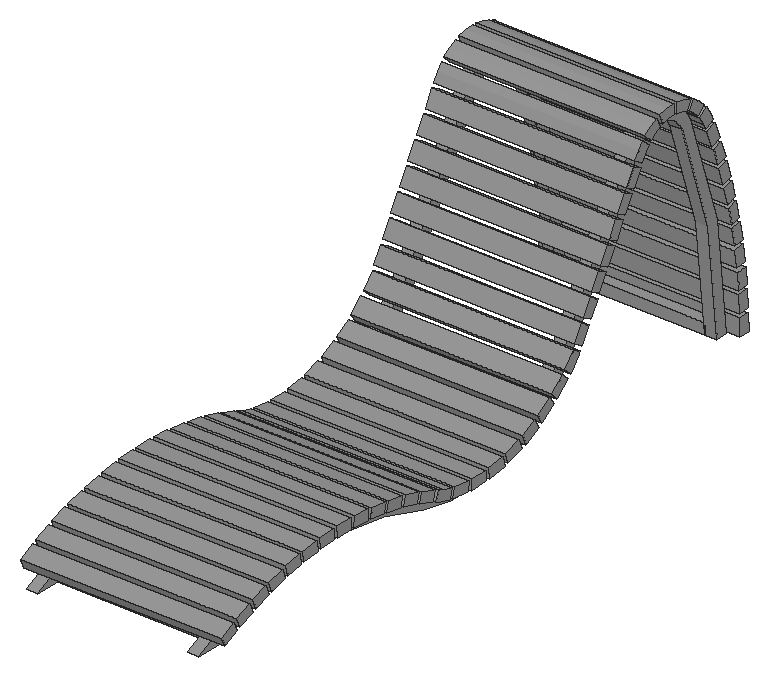
Revit family "9981 Парковый лежак «Волна» Хоббика", category Антураж, Revit 2018
Family settings
  На основе рабочей плоскости = Нет
  Всегда вертикально = Да
  При загрузке вырезать с полостями = Нет
  Источник визуального образа = Геометрия семейства
  Общий = Нет
  Точка расчета площади = Нет
Parameters (values of type "Версия 70 см")
  Ширина = 2362 mm  # constant formula
  Цвет отделки = Дерево
  Цвет каркаса = Сталь
  Средняя опора = or(Версия 140 см, Версия 200 см)  # no
  Описание = if(Версия 70 см, "Парковый лежак «Волна». Версия 70 см", if(Версия 90 см, "Парковый лежак «Волна». Версия 90 см", if(Версия 140 см, "Парковый лежак «Волна». Версия 140 см", "Парковый лежак «Волна». Версия 200 см")))  # "Парковый лежак «Волна». Версия 70 см"
  Материал изделия = "Сталь, дерево"  # constant formula
  Изображение типоразмера = Парковый лежак «Волна» 9981.jpg
  Изготовитель = "ООО «Хоббика»"  # constant formula
  Длина = if(Версия 70 см, 700 mm, if(Версия 90 см, 900 mm, if(Версия 140 см, 1400 mm, 2000 mm)))  # 700 mm
  Группа модели = "Лежаки и шезлонги"  # constant formula
  Высота = 870 mm  # constant formula
  Версия 90 см = no
  Версия 70 см = yes
  Версия 200 см = no
  Версия 140 см = no
  Артикул товара = "Арт. 9981"  # constant formula
  URL = "https://hobbyka.ru/product/parkovyy_lezhak_volna"
Types (5, lengths in mm): name | Средняя опора | Описание | Длина | Версия 90 см | Версия 70 см | Версия 200 см | Версия 140 см
  (no name) | no | "Парковый лежак «Волна». Версия 70 см" | 700 | no | yes | no | no
  Версия 70 см | no | "Парковый лежак «Волна». Версия 70 см" | 700 | no | yes | no | no
  Версия 90 см | no | "Парковый лежак «Волна». Версия 90 см" | 900 | yes | no | no | no
  Версия 140 см | yes | "Парковый лежак «Волна». Версия 140 см" | 1400 | no | no | no | yes
  Версия 200 см | yes | "Парковый лежак «Волна». Версия 200 см" | 2000 | no | no | yes | no
Reference planes
  plane 1 "По центру (Вперед/Назад)": y = 0
  plane 2: z = 0
  plane 3 "По центру (Влево/Вправо)": x = 0
  plane 4: x = 700
  plane 5: y = 2362
  plane 6: x = 50
  plane 7: x = 610
  plane 8: x = 330
  plane 9: x = 370
  plane 10: x = 650
  plane 11: x = 90
  plane 12: x = 350
  plane 13: z = 870
Forms (mm)
  Extrusion 1, solid, material "Сталь" <- "Цвет каркаса"
    sketch origin (0, 0, 0) x (0, 1, 0) y (0, 0, 1)
      loop
        arc (2327, 0) -> (2287.243, 378.266) -> (2169.708, 740) r 1819.359
        arc (2169.708, 740) -> (2049.767, 826.901) -> (1914.698, 766.122) r 147.776
        line (1914.698, 766.122) -> (1624.801, 260.933)
        arc (1624.801, 260.933) -> (1355.744, 69.645) -> (1025.636, 66.252) r 551.633
        arc (1025.636, 66.252) -> (522.456, 150.678) -> (35, 0) r 1104.776
        line (35, 0) -> (118.54, 0)
        arc (118.54, 0) -> (562.115, 112.595) -> (1011.982, 28.596) r 1064.776
        arc (1011.982, 28.596) -> (1368.311, 31.67) -> (1658.242, 238.841) r 591.633
        line (1658.242, 238.841) -> (1948.295, 744.302)
        arc (1948.295, 744.302) -> (2046.627, 787.009) -> (2133.166, 723.731) r 107.776
        arc (2133.166, 723.731) -> (2248.117, 369.95) -> (2287, 0) r 1779.359
        line (2287, 0) -> (2327, 0)
    from 50 to 90
  Extrusion 2, solid, material "Сталь" <- "Цвет каркаса", visible <- "Средняя опора"
    sketch origin (0, 0, 0) x (0, 1, 0) y (0, 0, 1)
      loop
        arc (2327, 0) -> (2287.243, 378.266) -> (2169.708, 740) r 1819.359
        arc (2169.708, 740) -> (2049.767, 826.901) -> (1914.698, 766.122) r 147.776
        line (1914.698, 766.122) -> (1624.801, 260.933)
        arc (1624.801, 260.933) -> (1355.744, 69.645) -> (1025.636, 66.252) r 551.633
        arc (1025.636, 66.252) -> (522.456, 150.678) -> (35, 0) r 1104.776
        line (35, 0) -> (118.54, 0)
        arc (118.54, 0) -> (562.115, 112.595) -> (1011.982, 28.596) r 1064.776
        arc (1011.982, 28.596) -> (1368.311, 31.67) -> (1658.242, 238.841) r 591.633
        line (1658.242, 238.841) -> (1948.295, 744.302)
        arc (1948.295, 744.302) -> (2046.627, 787.009) -> (2133.166, 723.731) r 107.776
        arc (2133.166, 723.731) -> (2248.117, 369.95) -> (2287, 0) r 1779.359
        line (2287, 0) -> (2327, 0)
    from 330 to 370
  Extrusion 3, solid, material "Сталь" <- "Цвет каркаса"
    sketch origin (0, 0, 0) x (0, 1, 0) y (0, 0, 1)
      loop
        arc (2327, 0) -> (2287.243, 378.266) -> (2169.708, 740) r 1819.359
        arc (2169.708, 740) -> (2049.767, 826.901) -> (1914.698, 766.122) r 147.776
        line (1914.698, 766.122) -> (1624.801, 260.933)
        arc (1624.801, 260.933) -> (1355.744, 69.645) -> (1025.636, 66.252) r 551.633
        arc (1025.636, 66.252) -> (522.456, 150.678) -> (35, 0) r 1104.776
        line (35, 0) -> (118.54, 0)
        arc (118.54, 0) -> (562.115, 112.595) -> (1011.982, 28.596) r 1064.776
        arc (1011.982, 28.596) -> (1368.311, 31.67) -> (1658.242, 238.841) r 591.633
        line (1658.242, 238.841) -> (1948.295, 744.302)
        arc (1948.295, 744.302) -> (2046.627, 787.009) -> (2133.166, 723.731) r 107.776
        arc (2133.166, 723.731) -> (2248.117, 369.95) -> (2287, 0) r 1779.359
        line (2287, 0) -> (2327, 0)
    from 610 to 650
  Extrusion 4, solid, material "Дерево" <- "Цвет отделки"
    sketch origin (0, 0, 0) x (0, 1, 0) y (0, 0, 1)
      loop
        line (2326.975, 9.52) -> (2361.976, 9.52)
        arc (2361.976, 9.52) -> (2361.579, 39.517) -> (2360.697, 69.504) r 1854.359
        line (2360.697, 69.504) -> (2325.722, 68.192)
        arc (2325.722, 68.192) -> (2326.585, 38.861) -> (2326.975, 9.52) r 1819.359
      loop
        arc (2169.708, 740) -> (2173.128, 732.269) -> (2176.513, 724.523) r 1819.359
        line (2176.513, 724.523) -> (2208.618, 738.461)
        arc (2208.618, 738.461) -> (2205.168, 746.357) -> (2201.682, 754.236) r 1854.359
        arc (2201.682, 754.236) -> (2191.804, 773.318) -> (2179.754, 791.109) r 182.776
        line (2179.754, 791.109) -> (2151.979, 769.812)
        arc (2151.979, 769.812) -> (2161.721, 755.428) -> (2169.708, 740) r 147.776
      loop
        arc (1914.698, 766.122) -> (1921.07, 774.361) -> (1928.006, 782.131) r 147.776
        line (1928.006, 782.131) -> (1902.734, 806.345)
        arc (1902.734, 806.345) -> (1883.932, 783.208) -> (1869.142, 757.322) r 182.776
        line (1869.142, 757.322) -> (1899.614, 739.836) -> (1914.698, 766.122)
      loop
        line (1624.801, 260.933) -> (1630.849, 271.471) -> (1601.547, 288.286)
        arc (1601.547, 288.286) -> (1583.103, 264.664) -> (1563.322, 242.151) r 516.633
        line (1563.322, 242.151) -> (1588.932, 218.296)
        arc (1588.932, 218.296) -> (1607.406, 239.161) -> (1624.801, 260.933) r 551.633
      loop
        arc (1025.636, 66.252) -> (1044.01, 61.042) -> (1062.553, 56.471) r 551.633
        line (1062.553, 56.471) -> (1070.34, 90.594)
        arc (1070.34, 90.594) -> (1053.846, 94.644) -> (1037.494, 99.234) r 516.633
        arc (1037.494, 99.234) -> (1025.48, 104.2) -> (1013.41, 109.027) r 1139.776
        line (1013.41, 109.027) -> (1000.597, 76.457)
        arc (1000.597, 76.457) -> (1013.148, 71.431) -> (1025.636, 66.252) r 1104.776
      loop
        arc (2360.074, 84.491) -> (2358.465, 114.447) -> (2356.371, 144.374) r 1854.359
        line (2356.371, 144.374) -> (2321.477, 141.649)
        arc (2321.477, 141.649) -> (2323.532, 112.287) -> (2325.111, 82.896) r 1819.359
        line (2325.111, 82.896) -> (2360.074, 84.491)
      loop
        arc (2262.725, 598.604) -> (2252.812, 626.918) -> (2242.442, 655.068) r 1854.359
        line (2242.442, 655.068) -> (2209.698, 642.704)
        arc (2209.698, 642.704) -> (2219.873, 615.085) -> (2229.599, 587.305) r 1819.359
        line (2229.599, 587.305) -> (2262.725, 598.604)
      loop
        arc (2355.143, 159.323) -> (2352.324, 189.19) -> (2349.022, 219.008) r 1854.359
        line (2349.022, 219.008) -> (2314.267, 214.874)
        arc (2314.267, 214.874) -> (2317.506, 185.619) -> (2320.272, 156.316) r 1819.359
        line (2320.272, 156.316) -> (2355.143, 159.323)
      loop
        arc (2347.19, 233.895) -> (2343.165, 263.624) -> (2338.66, 293.283) r 1854.359
        line (2338.66, 293.283) -> (2304.101, 287.748)
        arc (2304.101, 287.748) -> (2308.521, 258.648) -> (2312.469, 229.481) r 1819.359
        line (2312.469, 229.481) -> (2347.19, 233.895)
      loop
        arc (2336.228, 308.085) -> (2331.005, 337.626) -> (2325.304, 367.079) r 1854.359
        line (2325.304, 367.079) -> (2290.997, 360.151)
        arc (2290.997, 360.151) -> (2296.59, 331.254) -> (2301.715, 302.27) r 1819.359
        line (2301.715, 302.27) -> (2336.228, 308.085)
      loop
        arc (2322.276, 381.77) -> (2315.862, 411.076) -> (2308.975, 440.275) r 1854.359
        line (2308.975, 440.275) -> (2274.976, 431.965)
        arc (2274.976, 431.965) -> (2281.733, 403.318) -> (2288.025, 374.565) r 1819.359
        line (2288.025, 374.565) -> (2322.276, 381.77)
      loop
        arc (2305.355, 454.831) -> (2297.762, 483.854) -> (2289.7, 512.75) r 1854.359
        line (2289.7, 512.75) -> (2256.065, 503.073)
        arc (2256.065, 503.073) -> (2263.974, 474.722) -> (2271.424, 446.247) r 1819.359
        line (2271.424, 446.247) -> (2305.355, 454.831)
      loop
        arc (2285.494, 527.149) -> (2276.734, 555.841) -> (2267.51, 584.387) r 1854.359
        line (2267.51, 584.387) -> (2234.293, 573.357)
        arc (2234.293, 573.357) -> (2243.343, 545.35) -> (2251.938, 517.199) r 1819.359
        line (2251.938, 517.199) -> (2285.494, 527.149)
      loop
        arc (2237.086, 669.08) -> (2226.036, 696.97) -> (2214.536, 724.678) r 1854.359
        line (2214.536, 724.678) -> (2182.319, 711)
        arc (2182.319, 711) -> (2193.602, 683.815) -> (2204.444, 656.451) r 1819.359
        line (2204.444, 656.451) -> (2237.086, 669.08)
      loop
        arc (2170.149, 802.625) -> (2148.274, 823.106) -> (2123.347, 839.738) r 182.776
        line (2123.347, 839.738) -> (2106.374, 809.129)
        arc (2106.374, 809.129) -> (2126.527, 795.682) -> (2144.213, 779.123) r 147.776
        line (2144.213, 779.123) -> (2170.149, 802.625)
      loop
        arc (2109.946, 846.467) -> (2081.717, 856.522) -> (2052.224, 861.829) r 182.776
        line (2052.224, 861.829) -> (2048.87, 826.99)
        arc (2048.87, 826.99) -> (2072.715, 822.699) -> (2095.538, 814.569) r 147.776
        line (2095.538, 814.569) -> (2109.946, 846.467)
      loop
        arc (2037.251, 862.652) -> (2007.354, 860.612) -> (1978.193, 853.713) r 182.776
        line (1978.193, 853.713) -> (1989.015, 820.428)
        arc (1989.015, 820.428) -> (2012.592, 826.006) -> (2036.764, 827.656) r 147.776
        line (2036.764, 827.656) -> (2037.251, 862.652)
      loop
        arc (1964.134, 848.495) -> (1937.533, 834.697) -> (1913.544, 816.738) r 182.776
        line (1913.544, 816.738) -> (1936.746, 790.534)
        arc (1936.746, 790.534) -> (1956.141, 805.054) -> (1977.648, 816.209) r 147.776
        line (1977.648, 816.209) -> (1964.134, 848.495)
      loop
        line (69.191, 58.996) -> (85.374, 27.961)
        arc (85.374, 27.961) -> (111.332, 41.065) -> (137.626, 53.482) r 1104.776
        line (137.626, 53.482) -> (123.098, 85.324)
        arc (123.098, 85.324) -> (95.972, 72.515) -> (69.191, 58.996) r 1139.776
      loop
        line (1861.791, 744.246) -> (1831.928, 692.205) -> (1862.285, 674.785) -> (1892.148, 726.826) -> (1861.791, 744.246)
      loop
        line (1824.463, 679.195) -> (1794.6, 627.154) -> (1824.957, 609.735) -> (1854.82, 661.775) -> (1824.463, 679.195)
      loop
        line (1787.134, 614.144) -> (1757.272, 562.104) -> (1787.628, 544.684) -> (1817.491, 596.724) -> (1787.134, 614.144)
      loop
        line (1749.806, 549.094) -> (1719.943, 497.053) -> (1750.3, 479.633) -> (1780.163, 531.674) -> (1749.806, 549.094)
      loop
        line (1712.477, 484.043) -> (1682.615, 432.003) -> (1712.972, 414.583) -> (1742.834, 466.623) -> (1712.477, 484.043)
      loop
        line (1675.149, 418.992) -> (1645.286, 366.952) -> (1675.643, 349.532) -> (1705.506, 401.573) -> (1675.149, 418.992)
      loop
        line (1637.82, 353.942) -> (1607.958, 301.901) -> (1638.315, 284.481) -> (1668.177, 336.522) -> (1637.82, 353.942)
      loop
        arc (1552.94, 231.325) -> (1531.256, 210.599) -> (1508.406, 191.167) r 516.633
        line (1508.406, 191.167) -> (1530.296, 163.857)
        arc (1530.296, 163.857) -> (1554.695, 184.606) -> (1577.848, 206.736) r 551.633
        line (1577.848, 206.736) -> (1552.94, 231.325)
      loop
        line (1446.692, 148.663) -> (1464.402, 118.474)
        arc (1464.402, 118.474) -> (1491.545, 135.475) -> (1517.656, 154.023) r 551.633
        line (1517.656, 154.023) -> (1496.567, 181.956)
        arc (1496.567, 181.956) -> (1472.113, 164.586) -> (1446.692, 148.663) r 516.633
      loop
        arc (1433.646, 141.262) -> (1406.936, 127.612) -> (1379.479, 115.534) r 516.633
        line (1379.479, 115.534) -> (1392.635, 83.101)
        arc (1392.635, 83.101) -> (1421.952, 95.997) -> (1450.471, 110.572) r 551.633
        line (1450.471, 110.572) -> (1433.646, 141.262)
      loop
        arc (1365.499, 110.099) -> (1337.096, 100.455) -> (1308.18, 92.477) r 516.633
        line (1308.18, 92.477) -> (1316.506, 58.482)
        arc (1316.506, 58.482) -> (1347.381, 67.001) -> (1377.708, 77.297) r 551.633
        line (1377.708, 77.297) -> (1365.499, 110.099)
      loop
        arc (1144.413, 79.265) -> (1114.592, 82.505) -> (1085.01, 87.47) r 516.633
        line (1085.01, 87.47) -> (1078.218, 53.135)
        arc (1078.218, 53.135) -> (1109.804, 47.834) -> (1141.644, 44.375) r 551.633
        line (1141.644, 44.375) -> (1144.413, 79.265)
      loop
        arc (1293.561, 89.121) -> (1264.061, 83.688) -> (1234.296, 79.976) r 516.633
        line (1234.296, 79.976) -> (1237.617, 45.134)
        arc (1237.617, 45.134) -> (1269.399, 49.097) -> (1300.897, 54.898) r 551.633
        line (1300.897, 54.898) -> (1293.561, 89.121)
      loop
        line (1159.381, 78.296) -> (1157.626, 43.34)
        arc (1157.626, 43.34) -> (1189.647, 42.663) -> (1221.653, 43.846) r 551.633
        line (1221.653, 43.846) -> (1219.345, 78.77)
        arc (1219.345, 78.77) -> (1189.37, 77.662) -> (1159.381, 78.296) r 516.633
      loop
        arc (999.415, 114.426) -> (971.219, 124.669) -> (942.763, 134.167) r 1139.776
        line (942.763, 134.167) -> (932.12, 100.824)
        arc (932.12, 100.824) -> (959.702, 91.618) -> (987.033, 81.69) r 1104.776
        line (987.033, 81.69) -> (999.415, 114.426)
      loop
        arc (928.444, 138.634) -> (899.635, 147.001) -> (870.616, 154.607) r 1139.776
        line (870.616, 154.607) -> (862.189, 120.637)
        arc (862.189, 120.637) -> (890.316, 113.264) -> (918.24, 105.154) r 1104.776
        line (918.24, 105.154) -> (928.444, 138.634)
      loop
        line (277.639, 142.724) -> (287.421, 109.119)
        arc (287.421, 109.119) -> (315.444, 116.877) -> (343.663, 123.895) r 1104.776
        line (343.663, 123.895) -> (335.663, 157.969)
        arc (335.663, 157.969) -> (306.551, 150.728) -> (277.639, 142.724) r 1139.776
      loop
        line (350.288, 161.301) -> (357.839, 127.125)
        arc (357.839, 127.125) -> (386.312, 133.024) -> (414.931, 138.172) r 1104.776
        line (414.931, 138.172) -> (409.189, 172.697)
        arc (409.189, 172.697) -> (379.663, 167.387) -> (350.288, 161.301) r 1139.776
      loop
        line (424.001, 175.061) -> (429.288, 140.462)
        arc (429.288, 140.462) -> (458.088, 144.476) -> (486.983, 147.731) r 1104.776
        line (486.983, 147.731) -> (483.524, 182.559)
        arc (483.524, 182.559) -> (453.713, 179.202) -> (424.001, 175.061) r 1139.776
      loop
        line (498.46, 183.944) -> (501.46, 149.073)
        arc (501.46, 149.073) -> (530.461, 151.184) -> (559.508, 152.532) r 1104.776
        line (559.508, 152.532) -> (558.346, 187.512)
        arc (558.346, 187.512) -> (528.38, 186.122) -> (498.46, 183.944) r 1139.776
      loop
        line (573.341, 187.912) -> (574.042, 152.919)
        arc (574.042, 152.919) -> (603.119, 153.118) -> (632.192, 152.553) r 1104.776
        line (632.192, 152.553) -> (633.333, 187.535)
        arc (633.333, 187.535) -> (603.339, 188.118) -> (573.341, 187.912) r 1139.776
      loop
        line (648.321, 186.947) -> (646.72, 151.984)
        arc (646.72, 151.984) -> (675.747, 150.271) -> (704.72, 147.795) r 1104.776
        line (704.72, 147.795) -> (708.159, 182.626)
        arc (708.159, 182.626) -> (678.268, 185.18) -> (648.321, 186.947) r 1139.776
      loop
        line (723.076, 181.054) -> (719.179, 146.272)
        arc (719.179, 146.272) -> (748.031, 142.654) -> (776.778, 138.279) r 1104.776
        line (776.778, 138.279) -> (782.499, 172.808)
        arc (782.499, 172.808) -> (752.842, 177.322) -> (723.076, 181.054) r 1139.776
      loop
        line (797.281, 170.258) -> (791.106, 135.808)
        arc (791.106, 135.808) -> (819.657, 130.301) -> (848.054, 124.044) r 1104.776
        line (848.054, 124.044) -> (856.034, 158.123)
        arc (856.034, 158.123) -> (826.737, 164.577) -> (797.281, 170.258) r 1139.776
      loop
        arc (263.265, 138.437) -> (234.692, 129.298) -> (206.369, 119.41) r 1139.776
        line (206.369, 119.41) -> (218.339, 86.521)
        arc (218.339, 86.521) -> (245.792, 96.105) -> (273.488, 104.963) r 1104.776
        line (273.488, 104.963) -> (263.265, 138.437)
      loop
        arc (192.308, 114.187) -> (164.397, 103.189) -> (136.786, 91.46) r 1139.776
        line (136.786, 91.46) -> (150.893, 59.429)
        arc (150.893, 59.429) -> (177.656, 70.798) -> (204.709, 81.458) r 1104.776
        line (204.709, 81.458) -> (192.308, 114.187)
    from 0 to 700
  Extrusion 5, solid, material "Сталь" <- "Цвет каркаса"
    sketch origin (0, 0, 0) x (0, 1, 0) y (0, 0, 1)
      loop
        arc (1165.284, 2.984) -> (1185.28, 2.646) -> (1205.276, 2.984) r 591.633
        line (1205.276, 2.984) -> (1203.924, 42.961)
        arc (1203.924, 42.961) -> (1185.28, 42.646) -> (1166.636, 42.961) r 551.633
        line (1166.636, 42.961) -> (1165.284, 2.984)
      loop
        arc (2286.57, 39.117) -> (2286.892, 19.56) -> (2287, 0) r 1779.359
        line (2287, 0) -> (2327, 0)
        arc (2327, 0) -> (2326.89, 20) -> (2326.56, 39.997) r 1819.359
        line (2326.56, 39.997) -> (2286.57, 39.117)
      loop
        arc (138.03, 53.666) -> (119.229, 44.884) -> (100.596, 35.75) r 1104.776
        line (100.596, 35.75) -> (118.54, 0)
        arc (118.54, 0) -> (136.498, 8.803) -> (154.618, 17.268) r 1064.776
        line (154.618, 17.268) -> (138.03, 53.666)
    from 90 to 610
Dimensions and locks
  "Ширина": plane 5 to plane 1 "По центру (Вперед/Назад)"
  "Длина": plane 3 "По центру (Влево/Вправо)" to plane 4
  plane 3 "По центру (Влево/Вправо)" to plane 6 to plane 11 = 50 mm, 40 mm locked
  plane 7 to plane 10 to plane 4 = 40 mm locked, 50 mm locked
  equal spacing: plane 3 "По центру (Влево/Вправо)", plane 12, plane 4
  plane 8 to plane 12 to plane 9 = 20 mm locked, 20 mm locked
  "Высота": plane 13 to plane 2
  aligned and locked: level to plane 2
  aligned and locked: Extrusion 1 to plane 6
  aligned and locked: plane 11 to Extrusion 1
  aligned and locked: Extrusion 2 to plane 8
  aligned and locked: plane 9 to Extrusion 2
  aligned and locked: plane 10 to Extrusion 3
  aligned and locked: Extrusion 3 to plane 7
  aligned and locked: plane 4 to Extrusion 4
  aligned and locked: Extrusion 5 to plane 11
  aligned and locked: plane 7 to Extrusion 5
Automatic sketch dimensions
  Extrusion 1 sketch curve to Extrusion 1 sketch curve = 0 mm  (x8)
  Extrusion 1 sketch curve to level = 0 mm  (x2)
  Extrusion 1 sketch curve to plane 1 "По центру (Вперед/Назад)" = 35 mm
  Extrusion 1 sketch curve to Extrusion 1 sketch curve = 83.54 mm
  Extrusion 1 sketch curve to Extrusion 1 sketch curve = 389.101 mm
  Extrusion 1 sketch curve to plane 1 "По центру (Вперед/Назад)" = 596.177 mm
  Extrusion 1 sketch curve to plane 13 = 275.721 mm
  Extrusion 1 sketch curve to Extrusion 1 sketch curve = 677.639 mm
  level to Extrusion 1 sketch curve = 260.933 mm
  Extrusion 1 sketch curve to Extrusion 1 sketch curve = 439.521 mm
  level to Extrusion 1 sketch curve = 238.841 mm
  Extrusion 1 sketch curve to Extrusion 1 sketch curve = 33.441 mm
  Extrusion 1 sketch curve to plane 13 = 103.878 mm
  Extrusion 1 sketch curve to plane 5 = 447.302 mm
  Extrusion 1 sketch curve to plane 13 = 125.698 mm
  Extrusion 1 sketch curve to Extrusion 1 sketch curve = 33.596 mm
  Extrusion 1 sketch curve to Extrusion 1 sketch curve = 86.414 mm
  Extrusion 1 sketch curve to plane 5 = 75 mm
  Extrusion 1 sketch curve to plane 5 = 35 mm
  Extrusion 1 sketch curve to level = 951.636 mm
  Extrusion 1 sketch curve to Extrusion 1 sketch curve = 64.408 mm
  Extrusion 2 sketch curve to Extrusion 2 sketch curve = 0 mm  (x8)
  Extrusion 2 sketch curve to level = 0 mm  (x2)
  Extrusion 2 sketch curve to plane 1 "По центру (Вперед/Назад)" = 35 mm
  Extrusion 2 sketch curve to Extrusion 2 sketch curve = 83.54 mm
  Extrusion 2 sketch curve to Extrusion 2 sketch curve = 389.101 mm
  Extrusion 2 sketch curve to plane 1 "По центру (Вперед/Назад)" = 596.177 mm
  Extrusion 2 sketch curve to plane 13 = 275.721 mm
  Extrusion 2 sketch curve to Extrusion 2 sketch curve = 677.639 mm
  level to Extrusion 2 sketch curve = 260.933 mm
  Extrusion 2 sketch curve to Extrusion 2 sketch curve = 439.521 mm
  level to Extrusion 2 sketch curve = 238.841 mm
  Extrusion 2 sketch curve to Extrusion 2 sketch curve = 33.441 mm
  Extrusion 2 sketch curve to plane 13 = 103.878 mm
  Extrusion 2 sketch curve to plane 5 = 447.302 mm
  Extrusion 2 sketch curve to plane 13 = 125.698 mm
  Extrusion 2 sketch curve to Extrusion 2 sketch curve = 33.596 mm
  Extrusion 2 sketch curve to Extrusion 2 sketch curve = 86.414 mm
  Extrusion 2 sketch curve to plane 5 = 75 mm
  Extrusion 2 sketch curve to plane 5 = 35 mm
  Extrusion 2 sketch curve to level = 951.636 mm
  Extrusion 2 sketch curve to Extrusion 2 sketch curve = 64.408 mm
  Extrusion 3 sketch curve to Extrusion 3 sketch curve = 0 mm  (x8)
  Extrusion 3 sketch curve to level = 0 mm  (x2)
  Extrusion 3 sketch curve to plane 1 "По центру (Вперед/Назад)" = 35 mm
  Extrusion 3 sketch curve to Extrusion 3 sketch curve = 83.54 mm
  Extrusion 3 sketch curve to Extrusion 3 sketch curve = 389.101 mm
  Extrusion 3 sketch curve to plane 1 "По центру (Вперед/Назад)" = 596.177 mm
  Extrusion 3 sketch curve to plane 13 = 275.721 mm
  Extrusion 3 sketch curve to Extrusion 3 sketch curve = 677.639 mm
  level to Extrusion 3 sketch curve = 260.933 mm
  Extrusion 3 sketch curve to Extrusion 3 sketch curve = 439.521 mm
  level to Extrusion 3 sketch curve = 238.841 mm
  Extrusion 3 sketch curve to Extrusion 3 sketch curve = 33.441 mm
  Extrusion 3 sketch curve to plane 13 = 103.878 mm
  Extrusion 3 sketch curve to plane 5 = 447.302 mm
  Extrusion 3 sketch curve to plane 13 = 125.698 mm
  Extrusion 3 sketch curve to Extrusion 3 sketch curve = 33.596 mm
  Extrusion 3 sketch curve to Extrusion 3 sketch curve = 86.414 mm
  Extrusion 3 sketch curve to plane 5 = 75 mm
  Extrusion 3 sketch curve to plane 5 = 35 mm
  Extrusion 3 sketch curve to level = 951.636 mm
  Extrusion 3 sketch curve to Extrusion 3 sketch curve = 64.408 mm
  Extrusion 4 sketch curve to Extrusion 4 sketch curve = 0 mm  (x152)
  level to Extrusion 4 sketch curve = 27.961 mm
  Extrusion 4 sketch curve to level = 0 mm
  Extrusion 4 sketch curve to plane 1 "По центру (Вперед/Назад)" = 69.191 mm
  Extrusion 4 sketch curve to Extrusion 4 sketch curve = 16.183 mm
  level to Extrusion 4 sketch curve = 81.69 mm
  Extrusion 4 sketch curve to Extrusion 4 sketch curve = 12.383 mm
  level to Extrusion 4 sketch curve = 76.457 mm
  Extrusion 4 sketch curve to Extrusion 4 sketch curve = 13.565 mm
  level to Extrusion 4 sketch curve = 109.027 mm
  Extrusion 4 sketch curve to Extrusion 4 sketch curve = 13.995 mm
  level to Extrusion 4 sketch curve = 56.471 mm
  Extrusion 4 sketch curve to Extrusion 4 sketch curve = 61.956 mm
  level to Extrusion 4 sketch curve = 90.594 mm
  Extrusion 4 sketch curve to Extrusion 4 sketch curve = 7.787 mm
  level to Extrusion 4 sketch curve = 53.135 mm
  Extrusion 4 sketch curve to Extrusion 4 sketch curve = 15.664 mm
  level to Extrusion 4 sketch curve = 87.47 mm
  Extrusion 4 sketch curve to Extrusion 4 sketch curve = 14.67 mm
  level to Extrusion 4 sketch curve = 44.375 mm
  Extrusion 4 sketch curve to Extrusion 4 sketch curve = 63.427 mm
  level to Extrusion 4 sketch curve = 79.265 mm
  level to Extrusion 4 sketch curve = 43.34 mm
  Extrusion 4 sketch curve to Extrusion 4 sketch curve = 15.982 mm
  level to Extrusion 4 sketch curve = 78.296 mm
  Extrusion 4 sketch curve to Extrusion 4 sketch curve = 14.968 mm
  Extrusion 4 sketch curve to plane 13 = 275.721 mm
  level to Extrusion 4 sketch curve = 78.77 mm
  level to Extrusion 4 sketch curve = 43.846 mm
  level to Extrusion 4 sketch curve = 79.976 mm
  Extrusion 4 sketch curve to Extrusion 4 sketch curve = 14.951 mm
  level to Extrusion 4 sketch curve = 45.134 mm
  Extrusion 4 sketch curve to Extrusion 4 sketch curve = 15.964 mm
  level to Extrusion 4 sketch curve = 89.121 mm
  level to Extrusion 4 sketch curve = 54.898 mm
  level to Extrusion 4 sketch curve = 92.477 mm
  Extrusion 4 sketch curve to Extrusion 4 sketch curve = 14.619 mm
  level to Extrusion 4 sketch curve = 58.482 mm
  Extrusion 4 sketch curve to Extrusion 4 sketch curve = 15.61 mm
  level to Extrusion 4 sketch curve = 110.099 mm
  level to Extrusion 4 sketch curve = 77.297 mm
  level to Extrusion 4 sketch curve = 115.534 mm
  Extrusion 4 sketch curve to Extrusion 4 sketch curve = 13.98 mm
  level to Extrusion 4 sketch curve = 83.101 mm
  Extrusion 4 sketch curve to Extrusion 4 sketch curve = 14.927 mm
  level to Extrusion 4 sketch curve = 141.262 mm
  level to Extrusion 4 sketch curve = 148.663 mm
  Extrusion 4 sketch curve to Extrusion 4 sketch curve = 13.046 mm
  level to Extrusion 4 sketch curve = 110.572 mm
  level to Extrusion 4 sketch curve = 118.474 mm
  Extrusion 4 sketch curve to Extrusion 4 sketch curve = 13.93 mm
  level to Extrusion 4 sketch curve = 181.956 mm
  level to Extrusion 4 sketch curve = 191.167 mm
  Extrusion 4 sketch curve to Extrusion 4 sketch curve = 11.839 mm
  level to Extrusion 4 sketch curve = 154.023 mm
  level to Extrusion 4 sketch curve = 163.857 mm
  Extrusion 4 sketch curve to Extrusion 4 sketch curve = 12.641 mm
  level to Extrusion 4 sketch curve = 231.325 mm
  level to Extrusion 4 sketch curve = 242.151 mm
  Extrusion 4 sketch curve to Extrusion 4 sketch curve = 10.382 mm
  level to Extrusion 4 sketch curve = 206.736 mm
  level to Extrusion 4 sketch curve = 218.296 mm
  Extrusion 4 sketch curve to Extrusion 4 sketch curve = 11.085 mm
  level to Extrusion 4 sketch curve = 288.286 mm
  Extrusion 4 sketch curve to Extrusion 4 sketch curve = 6.411 mm
  level to Extrusion 4 sketch curve = 260.933 mm
  level to Extrusion 4 sketch curve = 271.471 mm
  Extrusion 4 sketch curve to Extrusion 4 sketch curve = 29.863 mm  (x7)
  level to Extrusion 4 sketch curve = 284.481 mm
  Extrusion 4 sketch curve to Extrusion 4 sketch curve = 7.466 mm  (x14)
  level to Extrusion 4 sketch curve = 349.532 mm
  Extrusion 4 sketch curve to plane 13 = 385.957 mm
  level to Extrusion 4 sketch curve = 414.583 mm
  Extrusion 4 sketch curve to plane 13 = 325.316 mm
  Extrusion 4 sketch curve to plane 13 = 190.805 mm
  Extrusion 4 sketch curve to plane 13 = 260.265 mm
  Extrusion 4 sketch curve to plane 13 = 125.754 mm
  Extrusion 4 sketch curve to plane 13 = 195.215 mm
  Extrusion 4 sketch curve to plane 13 = 112.678 mm
  Extrusion 4 sketch curve to Extrusion 4 sketch curve = 7.351 mm
  Extrusion 4 sketch curve to plane 13 = 130.164 mm
  Extrusion 4 sketch curve to plane 13 = 63.655 mm
  Extrusion 4 sketch curve to Extrusion 4 sketch curve = 33.592 mm
  Extrusion 4 sketch curve to plane 13 = 53.262 mm
  Extrusion 4 sketch curve to Extrusion 4 sketch curve = 10.81 mm
  Extrusion 4 sketch curve to plane 13 = 103.878 mm
  Extrusion 4 sketch curve to plane 13 = 87.869 mm
  Extrusion 4 sketch curve to Extrusion 4 sketch curve = 13.308 mm
  Extrusion 4 sketch curve to plane 13 = 79.466 mm
  Extrusion 4 sketch curve to Extrusion 4 sketch curve = 8.74 mm
  Extrusion 4 sketch curve to plane 13 = 21.505 mm
  Extrusion 4 sketch curve to plane 13 = 53.791 mm
  Extrusion 4 sketch curve to plane 13 = 16.287 mm
  Extrusion 4 sketch curve to Extrusion 4 sketch curve = 14.059 mm
  Extrusion 4 sketch curve to plane 13 = 49.572 mm
  Extrusion 4 sketch curve to Extrusion 4 sketch curve = 11.367 mm
  Extrusion 4 sketch curve to plane 13 = 42.344 mm
  Extrusion 4 sketch curve to plane 13 = 7.348 mm
  Extrusion 4 sketch curve to plane 13 = 43.01 mm
  Extrusion 4 sketch curve to Extrusion 4 sketch curve = 12.106 mm
  Extrusion 4 sketch curve to plane 13 = 8.171 mm
  Extrusion 4 sketch curve to Extrusion 4 sketch curve = 14.973 mm
  Extrusion 4 sketch curve to plane 13 = 55.431 mm
  Extrusion 4 sketch curve to plane 13 = 60.871 mm
  Extrusion 4 sketch curve to Extrusion 4 sketch curve = 10.835 mm
  Extrusion 4 sketch curve to plane 13 = 23.533 mm
  Extrusion 4 sketch curve to plane 13 = 30.262 mm
  Extrusion 4 sketch curve to Extrusion 4 sketch curve = 13.402 mm
  Extrusion 4 sketch curve to plane 13 = 90.877 mm
  Extrusion 4 sketch curve to plane 13 = 100.188 mm
  Extrusion 4 sketch curve to Extrusion 4 sketch curve = 7.766 mm
  Extrusion 4 sketch curve to plane 13 = 67.375 mm
  Extrusion 4 sketch curve to Extrusion 4 sketch curve = 6.805 mm
  Extrusion 4 sketch curve to plane 13 = 78.891 mm
  Extrusion 4 sketch curve to Extrusion 4 sketch curve = 9.605 mm
  Extrusion 4 sketch curve to Extrusion 4 sketch curve = 5.806 mm
  Extrusion 4 sketch curve to Extrusion 4 sketch curve = 22.125 mm
  Extrusion 4 sketch curve to Extrusion 4 sketch curve = 6.936 mm
  Extrusion 4 sketch curve to Extrusion 4 sketch curve = 5.254 mm
  Extrusion 4 sketch curve to Extrusion 4 sketch curve = 5.918 mm
  Extrusion 4 sketch curve to Extrusion 4 sketch curve = 19.901 mm
  Extrusion 4 sketch curve to Extrusion 4 sketch curve = 4.694 mm
  Extrusion 4 sketch curve to Extrusion 4 sketch curve = 32.642 mm
  Extrusion 4 sketch curve to Extrusion 4 sketch curve = 5.356 mm
  Extrusion 4 sketch curve to Extrusion 4 sketch curve = 17.645 mm
  Extrusion 4 sketch curve to Extrusion 4 sketch curve = 4.127 mm
  Extrusion 4 sketch curve to Extrusion 4 sketch curve = 33.126 mm
  Extrusion 4 sketch curve to Extrusion 4 sketch curve = 4.785 mm
  Extrusion 4 sketch curve to Extrusion 4 sketch curve = 15.36 mm
  Extrusion 4 sketch curve to Extrusion 4 sketch curve = 3.552 mm
  Extrusion 4 sketch curve to Extrusion 4 sketch curve = 33.556 mm
  Extrusion 4 sketch curve to Extrusion 4 sketch curve = 13.049 mm
  Extrusion 4 sketch curve to Extrusion 4 sketch curve = 4.206 mm
  Extrusion 4 sketch curve to Extrusion 4 sketch curve = 2.972 mm
  Extrusion 4 sketch curve to Extrusion 4 sketch curve = 10.718 mm
  Extrusion 4 sketch curve to Extrusion 4 sketch curve = 2.386 mm
  Extrusion 4 sketch curve to Extrusion 4 sketch curve = 33.931 mm
  Extrusion 4 sketch curve to Extrusion 4 sketch curve = 3.62 mm
  Extrusion 4 sketch curve to plane 5 = 49.531 mm
  Extrusion 4 sketch curve to Extrusion 4 sketch curve = 1.797 mm
  Extrusion 4 sketch curve to plane 5 = 41.728 mm
  Extrusion 4 sketch curve to Extrusion 4 sketch curve = 1.205 mm
  Extrusion 4 sketch curve to Extrusion 4 sketch curve = 34.25 mm
  Extrusion 4 sketch curve to plane 5 = 36.889 mm
  Extrusion 4 sketch curve to Extrusion 4 sketch curve = 3.029 mm
  Extrusion 4 sketch curve to Extrusion 4 sketch curve = 0.611 mm
  level to Extrusion 4 sketch curve = 9.52 mm
  Extrusion 4 sketch curve to Extrusion 4 sketch curve = 1.254 mm
  Extrusion 4 sketch curve to plane 5 = 25.772 mm
  Extrusion 4 sketch curve to Extrusion 4 sketch curve = 2.432 mm
  Extrusion 4 sketch curve to plane 5 = 14.81 mm
  Extrusion 4 sketch curve to plane 5 = 12.978 mm
  Extrusion 4 sketch curve to plane 5 = 6.857 mm
  Extrusion 4 sketch curve to plane 5 = 5.629 mm
  Extrusion 4 sketch curve to plane 5 = 1.926 mm
  Extrusion 4 sketch curve to plane 5 = 1.303 mm
  Extrusion 4 sketch curve to plane 5 = 0.024 mm
  Extrusion 4 sketch curve to Extrusion 4 sketch curve = 14.704 mm
  Extrusion 4 sketch curve to Extrusion 4 sketch curve = 14.987 mm
  Extrusion 4 sketch curve to Extrusion 4 sketch curve = 14.667 mm
  Extrusion 4 sketch curve to Extrusion 4 sketch curve = 14.95 mm
  Extrusion 4 sketch curve to Extrusion 4 sketch curve = 14.607 mm
  Extrusion 4 sketch curve to Extrusion 4 sketch curve = 14.888 mm
  Extrusion 4 sketch curve to Extrusion 4 sketch curve = 13.615 mm
  Extrusion 4 sketch curve to Extrusion 4 sketch curve = 14.522 mm
  Extrusion 4 sketch curve to Extrusion 4 sketch curve = 14.801 mm
  Extrusion 4 sketch curve to Extrusion 4 sketch curve = 13.01 mm  (x4)
  Extrusion 4 sketch curve to Extrusion 4 sketch curve = 14.414 mm
  Extrusion 4 sketch curve to Extrusion 4 sketch curve = 14.691 mm
  Extrusion 4 sketch curve to Extrusion 4 sketch curve = 14.282 mm
  Extrusion 4 sketch curve to Extrusion 4 sketch curve = 14.557 mm
  Extrusion 4 sketch curve to Extrusion 4 sketch curve = 14.126 mm
  Extrusion 4 sketch curve to Extrusion 4 sketch curve = 14.398 mm
  Extrusion 4 sketch curve to Extrusion 4 sketch curve = 13.948 mm
  Extrusion 4 sketch curve to Extrusion 4 sketch curve = 14.216 mm
  Extrusion 4 sketch curve to Extrusion 4 sketch curve = 13.747 mm
  Extrusion 4 sketch curve to Extrusion 4 sketch curve = 14.011 mm
  Extrusion 4 sketch curve to Extrusion 4 sketch curve = 13.523 mm
  Extrusion 4 sketch curve to Extrusion 4 sketch curve = 13.783 mm
  level to Extrusion 4 sketch curve = 53.482 mm
  Extrusion 4 sketch curve to Extrusion 4 sketch curve = 13.687 mm
  level to Extrusion 4 sketch curve = 59.429 mm
  Extrusion 4 sketch curve to Extrusion 4 sketch curve = 13.267 mm
  level to Extrusion 4 sketch curve = 81.458 mm
  level to Extrusion 4 sketch curve = 86.521 mm
  level to Extrusion 4 sketch curve = 142.724 mm
  level to Extrusion 4 sketch curve = 109.119 mm
  level to Extrusion 4 sketch curve = 123.895 mm
  level to Extrusion 4 sketch curve = 127.125 mm
  level to Extrusion 4 sketch curve = 138.172 mm
  level to Extrusion 4 sketch curve = 140.462 mm
  level to Extrusion 4 sketch curve = 147.731 mm
  level to Extrusion 4 sketch curve = 149.073 mm
  level to Extrusion 4 sketch curve = 152.532 mm
  level to Extrusion 4 sketch curve = 152.553 mm
  level to Extrusion 4 sketch curve = 151.984 mm
  level to Extrusion 4 sketch curve = 186.947 mm
  level to Extrusion 4 sketch curve = 147.795 mm
  level to Extrusion 4 sketch curve = 146.272 mm
  level to Extrusion 4 sketch curve = 181.054 mm
  level to Extrusion 4 sketch curve = 138.279 mm
  level to Extrusion 4 sketch curve = 135.808 mm
  level to Extrusion 4 sketch curve = 170.258 mm
  level to Extrusion 4 sketch curve = 124.044 mm
  level to Extrusion 4 sketch curve = 120.637 mm
  level to Extrusion 4 sketch curve = 154.607 mm
  level to Extrusion 4 sketch curve = 105.154 mm
  level to Extrusion 4 sketch curve = 100.824 mm
  level to Extrusion 4 sketch curve = 134.167 mm
  Extrusion 4 sketch curve to Extrusion 4 sketch curve = 22.727 mm
  Extrusion 4 sketch curve to Extrusion 4 sketch curve = 14.988 mm
  Extrusion 4 sketch curve to Extrusion 4 sketch curve = 5.399 mm
  Extrusion 4 sketch curve to Extrusion 4 sketch curve = 14.319 mm
  Extrusion 4 sketch curve to Extrusion 4 sketch curve = 13.88 mm
  Extrusion 4 sketch curve to Extrusion 4 sketch curve = 4.467 mm
  Extrusion 4 sketch curve to Extrusion 4 sketch curve = 14.582 mm
  Extrusion 4 sketch curve to Extrusion 4 sketch curve = 14.134 mm
  Extrusion 4 sketch curve to Extrusion 4 sketch curve = 3.516 mm
  Extrusion 4 sketch curve to Extrusion 4 sketch curve = 14.782 mm
  Extrusion 4 sketch curve to Extrusion 4 sketch curve = 14.328 mm
  Extrusion 4 sketch curve to Extrusion 4 sketch curve = 2.549 mm
  Extrusion 4 sketch curve to Extrusion 4 sketch curve = 14.917 mm
  Extrusion 4 sketch curve to Extrusion 4 sketch curve = 14.459 mm
  Extrusion 4 sketch curve to Extrusion 4 sketch curve = 1.572 mm
  Extrusion 4 sketch curve to Extrusion 4 sketch curve = 14.528 mm
  Extrusion 4 sketch curve to Extrusion 4 sketch curve = 13.933 mm
  Extrusion 4 sketch curve to Extrusion 4 sketch curve = 13.63 mm
  Extrusion 4 sketch curve to Extrusion 4 sketch curve = 14.061 mm
  Extrusion 4 sketch curve to Extrusion 4 sketch curve = 0.588 mm
  Extrusion 4 sketch curve to Extrusion 4 sketch curve = 14.995 mm
  Extrusion 4 sketch curve to Extrusion 4 sketch curve = 50.705 mm
  Extrusion 4 sketch curve to Extrusion 4 sketch curve = 14.534 mm
  Extrusion 4 sketch curve to Extrusion 4 sketch curve = 58.15 mm
  Extrusion 4 sketch curve to Extrusion 4 sketch curve = 6.181 mm
  Extrusion 4 sketch curve to Extrusion 4 sketch curve = 14.936 mm
  Extrusion 4 sketch curve to Extrusion 4 sketch curve = 3.459 mm
  Extrusion 4 sketch curve to Extrusion 4 sketch curve = 14.813 mm
  Extrusion 4 sketch curve to Extrusion 4 sketch curve = 1.384 mm
  Extrusion 4 sketch curve to Extrusion 4 sketch curve = 20.658 mm
  Extrusion 4 sketch curve to Extrusion 4 sketch curve = 5.742 mm
  Extrusion 4 sketch curve to Extrusion 4 sketch curve = 14.625 mm
  Extrusion 4 sketch curve to Extrusion 4 sketch curve = 2.363 mm
  Extrusion 4 sketch curve to Extrusion 4 sketch curve = 8 mm
  Extrusion 4 sketch curve to Extrusion 4 sketch curve = 14.374 mm
  Extrusion 4 sketch curve to Extrusion 4 sketch curve = 3.332 mm
  Extrusion 4 sketch curve to Extrusion 4 sketch curve = 14.358 mm
  Extrusion 4 sketch curve to Extrusion 4 sketch curve = 14.176 mm
  Extrusion 4 sketch curve to Extrusion 4 sketch curve = 9.782 mm
  Extrusion 4 sketch curve to Extrusion 4 sketch curve = 56.896 mm
  Extrusion 4 sketch curve to Extrusion 4 sketch curve = 52.252 mm
  Extrusion 4 sketch curve to Extrusion 4 sketch curve = 31.034 mm
  Extrusion 4 sketch curve to Extrusion 4 sketch curve = 67.446 mm
  Extrusion 4 sketch curve to Extrusion 4 sketch curve = 4.287 mm
  Extrusion 4 sketch curve to Extrusion 4 sketch curve = 6.136 mm
  Extrusion 4 sketch curve to Extrusion 4 sketch curve = 12.402 mm
  Extrusion 5 sketch curve to Extrusion 5 sketch curve = 0 mm  (x6)
  Extrusion 5 sketch curve to level = 0 mm  (x2)
  Extrusion 5 sketch curve to plane 1 "По центру (Вперед/Назад)" = 596.177 mm
  Extrusion 5 sketch curve to plane 13 = 275.721 mm
  Extrusion 5 sketch curve to Extrusion 5 sketch curve = 677.639 mm
  Extrusion 5 sketch curve to plane 5 = 75.43 mm
  Extrusion 5 sketch curve to Extrusion 5 sketch curve = 0.43 mm
  Extrusion 5 sketch curve to plane 5 = 35.44 mm
  Extrusion 5 sketch curve to Extrusion 5 sketch curve = 0.44 mm
  level to Extrusion 5 sketch curve = 17.268 mm
  level to Extrusion 5 sketch curve = 2.984 mm
  Extrusion 5 sketch curve to Extrusion 5 sketch curve = 1.352 mm  (x2)
  level to Extrusion 5 sketch curve = 35.75 mm
  Extrusion 5 sketch curve to plane 1 "По центру (Вперед/Назад)" = 507.641 mm
  Extrusion 5 sketch curve to plane 1 "По центру (Вперед/Назад)" = 118.54 mm
  Extrusion 5 sketch curve to Extrusion 5 sketch curve = 16.588 mm
  Extrusion 5 sketch curve to Extrusion 5 sketch curve = 17.943 mm
  Extrusion 5 sketch curve to Extrusion 5 sketch curve = 1012.018 mm
  Extrusion 5 sketch curve to Extrusion 5 sketch curve = 37.434 mm
  Extrusion 5 sketch curve to Extrusion 5 sketch curve = 39.977 mm
